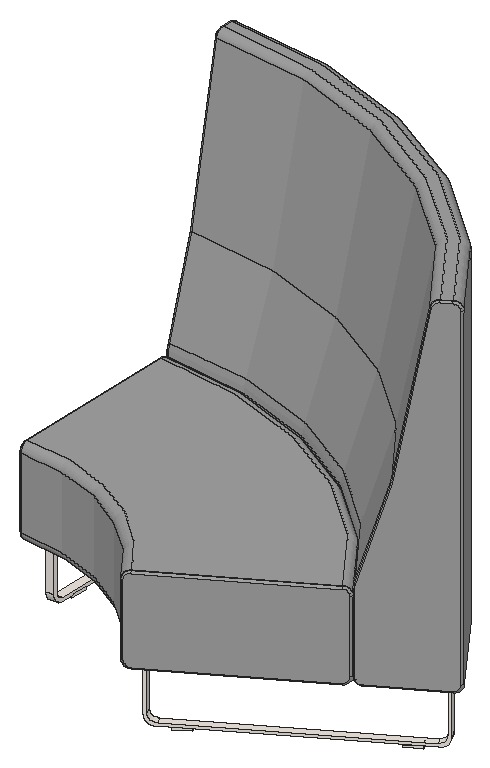
Revit family "Haworth_Riverbend_ConcaveBench60", category Furniture, Revit 2018
Family settings
  OmniClass Number = 23.40.70.14.64.21
  OmniClass Title = Systems Furniture
  Work Plane-Based = No
  Always vertical = Yes
  Cut with Voids When Loaded = No
  Shared = No
  Room Calculation Point = No
Parameters (values of type "33d 58w 50h - High Back")
  Width Straight Edge = 33"  # constant formula
  Width = 56"  # constant formula
  Warranty = "http://www.haworth.com/resources/product-info/warranties"
  URL - Product = "http://www.haworth.com/products/seating/sofas/riverbend-pebble"
  Trim Finish [instance] = Haworth _ Paint _ Plaster
  Symbolic Line Controller = not(No Back)  # yes
  Standard Widths = "58 in."  # constant formula
  Standard Heights = "18 in., 31 in., 50 in."  # constant formula
  Standard Depths = "33 in."  # constant formula
  Seat Upholstery Finish [instance] = Haworth _ Fabric _ Tellure _ Steel 3A-39
  No Back = not(or(Mid Back, High Back))  # no
  Min. Width = 28"  # constant formula
  Min. Depth = 33"  # constant formula
  Mid Back = no
  Max. Width = 67"  # constant formula
  Max. Depth = 33"  # constant formula
  Model = "SMCN"  # constant formula
  High Back = yes
  Description = "Haworth Riverbend Concave Bench 60 Degree"  # constant formula
  URL = "http://www.haworth.com"
  Size = "Verify Final Dim. w/ Haworth"  # constant formula
  Revision Number = "1"  # constant formula
  Manufacturer = "Haworth"  # constant formula
  Depth = 33"  # constant formula
  Custom Width = not(or(Width = 56"))  # no
  Custom Size = Custom Width  # no
  Back Upholstery Finish [instance] = Haworth _ Fabric _ Tellure _ Steel 3A-39
  Author = "Haworth (Bentzen)"  # constant formula
  Assembly Code = "E2020200"
  Actual Width = if(Width > Max. Width, Max. Width, if(Width < Min. Width, Min. Width, Width))  # 56"
  Actual Height = 18"  # constant formula
  Actual Depth = if(Depth > Max. Depth, Max. Depth, if(Depth < Min. Depth, Min. Depth, Depth))  # 33"
Types (3): name | Symbolic Line Controller | No Back | Mid Back | High Back
  33d 58w 18h - No Back | no | yes | no | no
  33d 58w 31h - Mid Back | yes | no | yes | no
  33d 58w 50h - High Back | yes | no | no | yes
Reference planes (in)
  plane 1 "Bottom": z = 0
  plane 2 "Top": z = 18
  plane 3 "Top - Bottom of Chamfer Edge": z = 17.75
  plane 4 "Frame Bottom": z = 7.25
  plane 5 "Bottom - Top of Chamfer Edge": z = 7.5
  plane 6 "Leg Bracket - Bottom": z = 7
  plane 7 "Leg Bottom - Top of Bottom": z = 0.625
  plane 8 "Foot - Top of Foot": z = 0.25
  plane 9: through (-1.76162, -1.93235, 48) normal (0.5, 0.866, 0)
  plane 10: x = -20.52292
  plane 11: through (2.67851, -21.22131, 48) normal (-0.5, 0.866, 0)
  plane 12: through (9.22708, 17.10064, 48) normal (0.5, 0.866, 0)
  plane 13: y = 25.00515
  plane 14: through (-20.53081, -34.44154, 48) normal (-0.7071, 0.7071, 0)
  plane 15: z = 17
  plane 16: y = -7.99485
  plane 17: y = -7.74485
  plane 18 "revolve_origin": x = -20.27292
  plane 19 "revolve_axis": y = -34.18365
  plane 20: through (30.98608, -4.58925, 48) normal (0.866, 0.5, 0)
  plane 21: through (2.40724, -21.08925, 48) normal (0.866, 0.5, 0)
  plane 22: y = -21.08925
  plane 23: through (-8.93284, -14.54205, 48) normal (-0.866, 0.5, 0)
  plane 24: through (30.98608, -4.58925, 48) normal (-0.5, 0.866, 0)
  plane 25: through (-7.1786, -11.50362, 48) normal (0.5, 0.866, 0)
  plane 26: through (-19.02968, 25.9697, 48) normal (-0.866, 0.5, 0)
  plane 27: through (31.19979, -3.0303, 48) normal (-0.866, 0.5, 0)
  plane 28: through (-57.19169, 13.87832, 48) normal (0.5, 0.866, 0)
  plane 29: y = 14.08522
Forms (in)
  Extrusion 1, solid, material "Haworth _ Paint _ Plaster" <- "Trim Finish"
    sketch origin (18.19276, -14.03701, 0) x (-0.866025, -0.5, 0) y (0, 0, 1)
      loop
        line (-14.39395, 7) -> (-14.39395, 1.5)
        arc (-14.39395, 1.5) -> (-14.02783, 0.61612) -> (-13.14395, 0.25) r 1.25
        line (-13.14395, 0.25) -> (14.07646, 0.25)
        arc (14.07646, 0.25) -> (14.96035, 0.61612) -> (15.32646, 1.5) r 1.25
        line (15.32646, 1.5) -> (15.32646, 7) -> (14.95122, 7) -> (14.95122, 1.625)
        arc (14.95122, 1.625) -> (14.65832, 0.91789) -> (13.95122, 0.625) r 1
        line (13.95122, 0.625) -> (-13.01895, 0.625)
        arc (-13.01895, 0.625) -> (-13.72605, 0.91789) -> (-14.01895, 1.625) r 1
        line (-14.01895, 1.625) -> (-14.01895, 7) -> (-14.39395, 7)
    from 3.44094 to 4.44094
  Extrusion 2, solid, material "Haworth _ Paint _ Plaster" <- "Trim Finish"
    sketch origin (58.39214, 11.7253, 18) x (-0.5, 0.866025, 0) y (-0.866025, -0.5, 0)
      loop
        line (1.22982, 36.05384) -> (2.22982, 36.05384) -> (2.22982, 38.05384) -> (1.22982, 38.05384) -> (1.22982, 36.05384)
    from -18 to -17.75
  Extrusion 3, solid, material "Haworth _ Paint _ Plaster" <- "Trim Finish"
    sketch origin (60.37064, 12.86758, 18) x (-0.5, 0.866025, 0) y (-0.866025, -0.5, 0)
      loop
        line (1.22982, 62.55267) -> (1.22982, 60.55267) -> (2.22982, 60.55267) -> (2.22982, 62.55267) -> (1.22982, 62.55267)
    from -18 to -17.75
  Extrusion 4, solid, material "Haworth _ Paint _ Plaster" <- "Trim Finish"
    sketch origin (58.39214, 11.7253, 18) x (-0.5, 0.866025, 0) y (-0.866025, -0.5, 0)
      loop
        line (0.81633, 33.30089) -> (3.19133, 33.30089) -> (3.19133, 35.67589) -> (0.81633, 35.67589) -> (0.81633, 33.30089)
    from -11 to -10.75
  Extrusion 5, solid, material "Haworth _ Paint _ Plaster" <- "Trim Finish"
    sketch origin (77.65876, 22.84888, 18) x (-0.5, 0.866025, 0) y (-0.866025, -0.5, 0)
      loop
        line (0.81633, 85.26847) -> (0.81633, 82.89323) -> (3.19133, 82.89323) -> (3.19133, 85.26847) -> (0.81633, 85.26847)
    from -11 to -10.75
  Blend 6, solid, material "Haworth _ Fabric _ Tellure _ Steel 3A-39" <- "Seat Upholstery Finish", visible <- "No Back"
    base sketch origin (-20.52292, -11.88714, 0) x (0, -1, 0) y (0, 0, 1)
      loop
        arc (-35.89228, 17.75) -> (-36.42261, 17.53033) -> (-36.64228, 17) r 0.75
        line (-36.64228, 17) -> (-36.64228, 8.25)
        arc (-36.64228, 8.25) -> (-36.42261, 7.71967) -> (-35.89228, 7.5) r 0.75
        line (-35.89228, 7.5) -> (-4.89228, 7.5)
        arc (-4.89228, 7.5) -> (-4.36195, 7.71967) -> (-4.14228, 8.25) r 0.75
        line (-4.14228, 8.25) -> (-4.14228, 17)
        arc (-4.14228, 17) -> (-4.36195, 17.53033) -> (-4.89228, 17.75) r 0.75
        line (-4.89228, 17.75) -> (-35.89228, 17.75)
    top sketch origin (-20.52292, -11.88714, 0) x (0, -1, 0) y (0, 0, 1)
      loop
        arc (-35.89228, 18) -> (-36.59939, 17.70711) -> (-36.89228, 17) r 1
        line (-36.89228, 17) -> (-36.89228, 8.25)
        arc (-36.89228, 8.25) -> (-36.59939, 7.54289) -> (-35.89228, 7.25) r 1
        line (-35.89228, 7.25) -> (-4.89228, 7.25)
        arc (-4.89228, 7.25) -> (-4.18518, 7.54289) -> (-3.89228, 8.25) r 1
        line (-3.89228, 8.25) -> (-3.89228, 17)
        arc (-3.89228, 17) -> (-4.18518, 17.70711) -> (-4.89228, 18) r 1
        line (-4.89228, 18) -> (-35.89228, 18)
    from 0 to -0.25
  Blend 7, solid, material "Haworth _ Fabric _ Tellure _ Steel 3A-39" <- "Back Upholstery Finish", visible <- "Mid Back"
    base sketch origin (-33.25, 14.42042, -6.66555) x (0, -1, 0) y (0, 0, 1)
      loop
        arc (-8.61622, 37.66555) -> (-10.00817, 37.08899) -> (-10.58473, 35.69705) r 1.9685
        line (-10.58473, 35.69705) -> (-10.58473, 14.91555)
        arc (-10.58473, 14.91555) -> (-10.29183, 14.20845) -> (-9.58473, 13.91555) r 1
        line (-9.58473, 13.91555) -> (-0.91481, 13.91555)
        arc (-0.91481, 13.91555) -> (-0.2077, 14.20845) -> (0.08519, 14.91555) r 1
        line (0.08519, 14.91555) -> (0.08519, 24.30895)
        arc (0.08519, 24.30895) -> (-0.00368, 25.04671) -> (-0.18206, 25.76808) r 6.06812
        line (-0.18206, 25.76808) -> (-3.47803, 36.28554)
        arc (-3.47803, 36.28554) -> (-4.19117, 37.28348) -> (-5.35669, 37.66555) r 1.96875
        line (-5.35669, 37.66555) -> (-8.61622, 37.66555)
    top sketch origin (-33.25, 14.42042, -6.66555) x (0, -1, 0) y (0, 0, 1)
      loop
        line (-5.35669, 37.41555) -> (-8.61622, 37.41555)
        arc (-8.61622, 37.41555) -> (-9.83139, 36.91222) -> (-10.33473, 35.69705) r 1.7185
        line (-10.33473, 35.69705) -> (-10.33473, 14.91555)
        arc (-10.33473, 14.91555) -> (-10.11506, 14.38522) -> (-9.58473, 14.16555) r 0.75
        line (-9.58473, 14.16555) -> (-0.8431, 14.16555)
        arc (-0.8431, 14.16555) -> (-0.31277, 14.38522) -> (-0.0931, 14.91555) r 0.75
        line (-0.0931, 14.91555) -> (-0.0931, 24.64821) -> (-3.71659, 36.21078)
        arc (-3.71659, 36.21078) -> (-4.33917, 37.08199) -> (-5.35669, 37.41555) r 1.71875
    from -12.97708 to -12.72708
  Blend 8, solid, material "Haworth _ Fabric _ Tellure _ Steel 3A-39" <- "Back Upholstery Finish", visible <- "High Back"
    base sketch origin (-61.05552, 16.17042, -6.66555) x (0, -1, 0) y (0, 0, 1)
      loop
        line (-8.83473, 55.62737) -> (-8.83473, 14.91555)
        arc (-8.83473, 14.91555) -> (-8.54183, 14.20845) -> (-7.83473, 13.91555) r 1
        line (-7.83473, 13.91555) -> (0.83519, 13.91555)
        arc (0.83519, 13.91555) -> (1.5423, 14.20845) -> (1.83519, 14.91555) r 1
        line (1.83519, 14.91555) -> (1.83519, 24.30895)
        arc (1.83519, 24.30895) -> (1.74632, 25.04671) -> (1.56794, 25.76808) r 6.06812
        line (1.56794, 25.76808) -> (-1.77826, 36.4458) -> (-5.53895, 55.8336)
        arc (-5.53895, 55.8336) -> (-5.89397, 56.43074) -> (-6.54779, 56.66555) r 1.02764
        line (-6.54779, 56.66555) -> (-7.79654, 56.66555)
        arc (-7.79654, 56.66555) -> (-8.53065, 56.36148) -> (-8.83473, 55.62737) r 1.03818
    top sketch origin (-61.05552, 16.17042, -6.66555) x (0, -1, 0) y (0, 0, 1)
      loop
        arc (-7.79654, 56.41555) -> (-8.35387, 56.1847) -> (-8.58473, 55.62737) r 0.78818
        line (-8.58473, 55.62737) -> (-8.58473, 14.91555)
        arc (-8.58473, 14.91555) -> (-8.36506, 14.38522) -> (-7.83473, 14.16555) r 0.75
        line (-7.83473, 14.16555) -> (0.9069, 14.16555)
        arc (0.9069, 14.16555) -> (1.43723, 14.38522) -> (1.6569, 14.91555) r 0.75
        line (1.6569, 14.91555) -> (1.6569, 24.64821) -> (-2.02101, 36.38443) -> (-5.78438, 55.78599)
        arc (-5.78438, 55.78599) -> (-6.05303, 56.23786) -> (-6.54779, 56.41555) r 0.77764
        line (-6.54779, 56.41555) -> (-7.79654, 56.41555)
    from -40.7826 to -40.5326
  Revolve 9, solid, material "Haworth _ Fabric _ Tellure _ Steel 3A-39" <- "Back Upholstery Finish", visible <- "Mid Back"
    sketch origin (-20.27292, 0, 0) x (0, 1, 0) y (0, 0, 1)
      loop
        arc (25.00515, 29.0315) -> (24.42858, 30.42344) -> (23.03664, 31) r 1.9685
        line (23.03664, 31) -> (19.77711, 31)
        arc (19.77711, 31) -> (18.61158, 30.61792) -> (17.89845, 29.61999) r 1.96875
        line (17.89845, 29.61999) -> (14.60248, 19.10253)
        arc (14.60248, 19.10253) -> (14.4241, 18.38116) -> (14.33522, 17.64339) r 6.06812
        line (14.33522, 17.64339) -> (14.33522, 8.25)
        arc (14.33522, 8.25) -> (14.62812, 7.54289) -> (15.33522, 7.25) r 1
        line (15.33522, 7.25) -> (24.00515, 7.25)
        arc (24.00515, 7.25) -> (24.71225, 7.54289) -> (25.00515, 8.25) r 1
        line (25.00515, 8.25) -> (25.00515, 29.0315)
      axis (-34.18365, 31) -> (-34.18365, 7.25)
    angle from 0 to -60
  Revolve 10, solid, material "Haworth _ Fabric _ Tellure _ Steel 3A-39" <- "Back Upholstery Finish", visible <- "High Back"
    sketch origin (-20.27292, 0, 0) x (0, 1, 0) y (0, 0, 1)
      loop
        arc (25.00515, 48.96182) -> (24.70107, 49.69592) -> (23.96696, 50) r 1.03818
        line (23.96696, 50) -> (22.71821, 50)
        arc (22.71821, 50) -> (22.06439, 49.76518) -> (21.70937, 49.16804) r 1.02764
        line (21.70937, 49.16804) -> (17.94867, 29.78025) -> (14.60248, 19.10253)
        arc (14.60248, 19.10253) -> (14.4241, 18.38116) -> (14.33522, 17.64339) r 6.06812
        line (14.33522, 17.64339) -> (14.33522, 8.25)
        arc (14.33522, 8.25) -> (14.62812, 7.54289) -> (15.33522, 7.25) r 1
        line (15.33522, 7.25) -> (24.00515, 7.25)
        arc (24.00515, 7.25) -> (24.71225, 7.54289) -> (25.00515, 8.25) r 1
        line (25.00515, 8.25) -> (25.00515, 48.96182)
      axis (-34.18365, 50) -> (-34.18365, 7.25)
    angle from 0 to -60
  Extrusion 11, solid, material "Haworth _ Paint _ Plaster" <- "Trim Finish"
    sketch origin (-22.22175, 9.29632, 0) x (0, -1, 0) y (0, 0, -1)
      loop
        line (-14.14229, -7) -> (-13.76729, -7) -> (-13.76729, -1.625)
        arc (-13.76729, -1.625) -> (-13.47439, -0.91789) -> (-12.76729, -0.625) r 1
        line (-12.76729, -0.625) -> (13.95122, -0.625)
        arc (13.95122, -0.625) -> (14.65832, -0.91789) -> (14.95122, -1.625) r 1
        line (14.95122, -1.625) -> (14.95122, -7) -> (15.32646, -7) -> (15.32646, -1.5)
        arc (15.32646, -1.5) -> (14.96035, -0.61612) -> (14.07646, -0.25) r 1.25
        line (14.07646, -0.25) -> (-12.89229, -0.25)
        arc (-12.89229, -0.25) -> (-13.77617, -0.61612) -> (-14.14229, -1.5) r 1.25
        line (-14.14229, -1.5) -> (-14.14229, -7)
    from 3.44094 to 4.44094
  Extrusion 12, solid, material "Haworth _ Paint _ Plaster" <- "Trim Finish"
    sketch origin (-20.01063, 56.99116, 18) x (1, 0, 0) y (0, 1, 0)
      loop
        line (1.22982, -36.30551) -> (1.22982, -38.30551) -> (2.22982, -38.30551) -> (2.22982, -36.30551) -> (1.22982, -36.30551)
    from -18 to -17.75
  Extrusion 13, solid, material "Haworth _ Paint _ Plaster" <- "Trim Finish"
    sketch origin (-20.01063, 59.27573, 18) x (1, 0, 0) y (0, 1, 0)
      loop
        line (1.22982, -62.55267) -> (2.22982, -62.55267) -> (2.22982, -60.55267) -> (1.22982, -60.55267) -> (1.22982, -62.55267)
    from -18 to -17.75
  Extrusion 14, solid, material "Haworth _ Paint _ Plaster" <- "Trim Finish"
    sketch origin (-20.01063, 56.99116, 18) x (1, 0, 0) y (0, 1, 0)
      loop
        line (1.22982, -33.55255) -> (1.22982, -35.92755) -> (3.60482, -35.92755) -> (3.60482, -33.55255) -> (1.22982, -33.55255)
    from -11 to -10.75
  Extrusion 15, solid, material "Haworth _ Paint _ Plaster" <- "Trim Finish"
    sketch origin (-20.01063, 79.23833, 18) x (1, 0, 0) y (0, 1, 0)
      loop
        line (1.22982, -85.26847) -> (3.60482, -85.26847) -> (3.60482, -82.89323) -> (1.22982, -82.89323) -> (1.22982, -85.26847)
    from -11 to -10.75
  Extrusion 16, solid, material "Haworth _ Paint _ Plaster" <- "Trim Finish"
    sketch origin (6.37704, 19.04612, 0) x (-0.5, -0.866025, 0) y (0, 0, -1)
      loop
        line (1.82622, -7) -> (2.20122, -7) -> (2.20122, -1.625)
        arc (2.20122, -1.625) -> (2.49411, -0.91789) -> (3.20122, -0.625) r 1
        line (3.20122, -0.625) -> (13.95122, -0.625)
        arc (13.95122, -0.625) -> (14.65832, -0.91789) -> (14.95122, -1.625) r 1
        line (14.95122, -1.625) -> (14.95122, -7) -> (15.32622, -7) -> (15.32622, -1.5)
        arc (15.32622, -1.5) -> (14.9601, -0.61612) -> (14.07622, -0.25) r 1.25
        line (14.07622, -0.25) -> (3.07622, -0.25)
        arc (3.07622, -0.25) -> (2.19233, -0.61612) -> (1.82622, -1.5) r 1.25
        line (1.82622, -1.5) -> (1.82622, -7)
    from 3.44094 to 4.44094
  Extrusion 17, solid, material "Haworth _ Paint _ Plaster" <- "Trim Finish"
    sketch origin (24.1551, 45.41637, 18) x (0.866025, -0.5, 0) y (0.5, 0.866025, 0)
      loop
        line (1.22982, -36.30551) -> (1.22982, -38.30551) -> (2.22982, -38.30551) -> (2.22982, -36.30551) -> (1.22982, -36.30551)
    from -18 to -17.75
  Extrusion 18, solid, material "Haworth _ Paint _ Plaster" <- "Trim Finish"
    sketch origin (33.28164, 61.224, 18) x (0.866025, -0.5, 0) y (0.5, 0.866025, 0)
      loop
        line (1.22982, -62.55267) -> (2.22982, -62.55267) -> (2.22982, -60.55267) -> (1.22982, -60.55267) -> (1.22982, -62.55267)
    from -18 to -17.75
  Extrusion 19, solid, material "Haworth _ Paint _ Plaster" <- "Trim Finish"
    sketch origin (24.1551, 45.41637, 18) x (0.866025, -0.5, 0) y (0.5, 0.866025, 0)
      loop
        line (1.22982, -33.55255) -> (1.22982, -35.92755) -> (3.60482, -35.92755) -> (3.60482, -33.55255) -> (1.22982, -33.55255)
    from -11 to -10.75
  Extrusion 20, solid, material "Haworth _ Paint _ Plaster" <- "Trim Finish"
    sketch origin (43.26294, 78.51211, 18) x (0.866025, -0.5, 0) y (0.5, 0.866025, 0)
      loop
        line (1.22982, -85.26822) -> (3.60482, -85.26822) -> (3.60482, -82.89323) -> (1.22982, -82.89323) -> (1.22982, -85.26822)
    from -11 to -10.75
  Blend 21, solid, material "Haworth _ Fabric _ Tellure _ Steel 3A-39" <- "Seat Upholstery Finish", visible <- "Symbolic Line Controller"
    base sketch origin (-20.52292, -33.22698, 0) x (0, -1, 0) y (0, 0, 1)
      loop
        arc (-46.56221, 17.75) -> (-47.09254, 17.53033) -> (-47.31221, 17) r 0.75
        line (-47.31221, 17) -> (-47.31221, 8.25)
        arc (-47.31221, 8.25) -> (-47.09254, 7.71967) -> (-46.56221, 7.5) r 0.75
        line (-46.56221, 7.5) -> (-26.23213, 7.5)
        arc (-26.23213, 7.5) -> (-25.7018, 7.71967) -> (-25.48213, 8.25) r 0.75
        line (-25.48213, 8.25) -> (-25.48213, 17)
        arc (-25.48213, 17) -> (-25.7018, 17.53033) -> (-26.23213, 17.75) r 0.75
        line (-26.23213, 17.75) -> (-46.56221, 17.75)
    top sketch origin (-20.52292, -33.22698, 0) x (0, -1, 0) y (0, 0, 1)
      loop
        arc (-46.56221, 18) -> (-47.26931, 17.70711) -> (-47.56221, 17) r 1
        line (-47.56221, 17) -> (-47.56221, 8.25)
        arc (-47.56221, 8.25) -> (-47.26931, 7.54289) -> (-46.56221, 7.25) r 1
        line (-46.56221, 7.25) -> (-26.23213, 7.25)
        arc (-26.23213, 7.25) -> (-25.52502, 7.54289) -> (-25.23213, 8.25) r 1
        line (-25.23213, 8.25) -> (-25.23213, 17)
        arc (-25.23213, 17) -> (-25.52502, 17.70711) -> (-26.23213, 18) r 1
        line (-26.23213, 18) -> (-46.56221, 18)
    from 0 to -0.25
  Revolve 22, solid, material "Haworth _ Fabric _ Tellure _ Steel 3A-39" <- "Seat Upholstery Finish", visible <- "No Back"
    sketch origin (-20.27292, 0, 0) x (0, -1, 0) y (0, 0, 1)
      loop
        line (-25.00515, 17) -> (-25.00515, 8.25)
        arc (-25.00515, 8.25) -> (-24.71225, 7.54289) -> (-24.00515, 7.25) r 1
        line (-24.00515, 7.25) -> (6.99485, 7.25)
        arc (6.99485, 7.25) -> (7.70196, 7.54289) -> (7.99485, 8.25) r 1
        line (7.99485, 8.25) -> (7.99485, 17)
        arc (7.99485, 17) -> (7.70196, 17.70711) -> (6.99485, 18) r 1
        line (6.99485, 18) -> (-24.00515, 18)
        arc (-24.00515, 18) -> (-24.71225, 17.70711) -> (-25.00515, 17) r 1
      axis (34.18365, 18) -> (34.18365, 7.25)
    angle from 0 to 60
  Revolve 23, solid, material "Haworth _ Fabric _ Tellure _ Steel 3A-39" <- "Seat Upholstery Finish", visible <- "Symbolic Line Controller"
    sketch origin (-20.27292, 0, 0) x (0, -1, 0) y (0, 0, 1)
      loop
        line (-14.33522, 17) -> (-14.33522, 8.25)
        arc (-14.33522, 8.25) -> (-14.04233, 7.54289) -> (-13.33522, 7.25) r 1
        line (-13.33522, 7.25) -> (6.99485, 7.25)
        arc (6.99485, 7.25) -> (7.70196, 7.54289) -> (7.99485, 8.25) r 1
        line (7.99485, 8.25) -> (7.99485, 17)
        arc (7.99485, 17) -> (7.70196, 17.70711) -> (6.99485, 18) r 1
        line (6.99485, 18) -> (-13.33522, 18)
        arc (-13.33522, 18) -> (-14.04233, 17.70711) -> (-14.33522, 17) r 1
      axis (34.18365, 18) -> (34.18365, 7.25)
    angle from 0 to 60
  Blend 24, solid, material "Haworth _ Fabric _ Tellure _ Steel 3A-39" <- "Seat Upholstery Finish", visible <- "No Back"
    base sketch origin (-0.83858, -23.2519, 0) x (-0.866025, -0.5, 0) y (0, 0, -1)
      loop
        line (-35.89228, -17.75) -> (-4.89228, -17.75)
        arc (-4.89228, -17.75) -> (-4.36195, -17.53033) -> (-4.14228, -17) r 0.75
        line (-4.14228, -17) -> (-4.14228, -8.25)
        arc (-4.14228, -8.25) -> (-4.36195, -7.71967) -> (-4.89228, -7.5) r 0.75
        line (-4.89228, -7.5) -> (-35.89228, -7.5)
        arc (-35.89228, -7.5) -> (-36.42261, -7.71967) -> (-36.64228, -8.25) r 0.75
        line (-36.64228, -8.25) -> (-36.64228, -17)
        arc (-36.64228, -17) -> (-36.42261, -17.53033) -> (-35.89228, -17.75) r 0.75
    top sketch origin (-0.83858, -23.2519, 0) x (-0.866025, -0.5, 0) y (0, 0, -1)
      loop
        line (-35.89228, -18) -> (-4.89228, -18)
        arc (-4.89228, -18) -> (-4.18518, -17.70711) -> (-3.89228, -17) r 1
        line (-3.89228, -17) -> (-3.89228, -8.25)
        arc (-3.89228, -8.25) -> (-4.18518, -7.54289) -> (-4.89228, -7.25) r 1
        line (-4.89228, -7.25) -> (-35.89228, -7.25)
        arc (-35.89228, -7.25) -> (-36.59939, -7.54289) -> (-36.89228, -8.25) r 1
        line (-36.89228, -8.25) -> (-36.89228, -17)
        arc (-36.89228, -17) -> (-36.59939, -17.70711) -> (-35.89228, -18) r 1
    from 0 to -0.25
  Blend 25, solid, material "Haworth _ Fabric _ Tellure _ Steel 3A-39" <- "Back Upholstery Finish", visible <- "High Back"
    base sketch origin (43.72628, -44.32538, -6.66555) x (-0.866025, -0.5, 0) y (0, 0, -1)
      loop
        arc (-8.83473, -55.62737) -> (-8.53065, -56.36148) -> (-7.79654, -56.66555) r 1.03818
        line (-7.79654, -56.66555) -> (-6.54779, -56.66555)
        arc (-6.54779, -56.66555) -> (-5.89397, -56.43074) -> (-5.53895, -55.8336) r 1.02764
        line (-5.53895, -55.8336) -> (-1.77826, -36.4458) -> (1.56794, -25.76808)
        arc (1.56794, -25.76808) -> (1.74632, -25.04671) -> (1.83519, -24.30895) r 6.06812
        line (1.83519, -24.30895) -> (1.83519, -14.91555)
        arc (1.83519, -14.91555) -> (1.5423, -14.20845) -> (0.83519, -13.91555) r 1
        line (0.83519, -13.91555) -> (-7.83473, -13.91555)
        arc (-7.83473, -13.91555) -> (-8.54183, -14.20845) -> (-8.83473, -14.91555) r 1
        line (-8.83473, -14.91555) -> (-8.83473, -55.62737)
    top sketch origin (43.72628, -44.32538, -6.66555) x (-0.866025, -0.5, 0) y (0, 0, -1)
      loop
        line (-7.79654, -56.41555) -> (-6.54779, -56.41555)
        arc (-6.54779, -56.41555) -> (-6.05303, -56.23786) -> (-5.78438, -55.78599) r 0.77764
        line (-5.78438, -55.78599) -> (-2.02101, -36.38443) -> (1.6569, -24.64821) -> (1.6569, -14.91555)
        arc (1.6569, -14.91555) -> (1.43723, -14.38522) -> (0.9069, -14.16555) r 0.75
        line (0.9069, -14.16555) -> (-7.83473, -14.16555)
        arc (-7.83473, -14.16555) -> (-8.36506, -14.38522) -> (-8.58473, -14.91555) r 0.75
        line (-8.58473, -14.91555) -> (-8.58473, -55.62737)
        arc (-8.58473, -55.62737) -> (-8.35387, -56.1847) -> (-7.79654, -56.41555) r 0.78818
    from -40.7826 to -40.5326
  Blend 26, solid, material "Haworth _ Fabric _ Tellure _ Steel 3A-39" <- "Seat Upholstery Finish", visible <- "Symbolic Line Controller"
    base sketch origin (-19.31942, -33.92182, 0) x (-0.866025, -0.5, 0) y (0, 0, -1)
      loop
        line (-46.56221, -17.75) -> (-26.23213, -17.75)
        arc (-26.23213, -17.75) -> (-25.7018, -17.53033) -> (-25.48213, -17) r 0.75
        line (-25.48213, -17) -> (-25.48213, -8.25)
        arc (-25.48213, -8.25) -> (-25.7018, -7.71967) -> (-26.23213, -7.5) r 0.75
        line (-26.23213, -7.5) -> (-46.56221, -7.5)
        arc (-46.56221, -7.5) -> (-47.09254, -7.71967) -> (-47.31221, -8.25) r 0.75
        line (-47.31221, -8.25) -> (-47.31221, -17)
        arc (-47.31221, -17) -> (-47.09254, -17.53033) -> (-46.56221, -17.75) r 0.75
    top sketch origin (-19.31942, -33.92182, 0) x (-0.866025, -0.5, 0) y (0, 0, -1)
      loop
        line (-46.56221, -18) -> (-26.23213, -18)
        arc (-26.23213, -18) -> (-25.52502, -17.70711) -> (-25.23213, -17) r 1
        line (-25.23213, -17) -> (-25.23213, -8.25)
        arc (-25.23213, -8.25) -> (-25.52502, -7.54289) -> (-26.23213, -7.25) r 1
        line (-26.23213, -7.25) -> (-46.56221, -7.25)
        arc (-46.56221, -7.25) -> (-47.26931, -7.54289) -> (-47.56221, -8.25) r 1
        line (-47.56221, -8.25) -> (-47.56221, -17)
        arc (-47.56221, -17) -> (-47.26931, -17.70711) -> (-46.56221, -18) r 1
    from 0 to -0.25
  Blend 27, solid, material "Haworth _ Fabric _ Tellure _ Steel 3A-39" <- "Back Upholstery Finish", visible <- "Mid Back"
    base sketch origin (28.30798, -21.1201, -6.66555) x (-0.866025, -0.5, 0) y (0, 0, -1)
      loop
        line (-8.61622, -37.66555) -> (-5.35669, -37.66555)
        arc (-5.35669, -37.66555) -> (-4.19117, -37.28348) -> (-3.47803, -36.28554) r 1.96875
        line (-3.47803, -36.28554) -> (-0.18206, -25.76808)
        arc (-0.18206, -25.76808) -> (-0.00368, -25.04671) -> (0.08519, -24.30895) r 6.06812
        line (0.08519, -24.30895) -> (0.08519, -14.91555)
        arc (0.08519, -14.91555) -> (-0.2077, -14.20845) -> (-0.91481, -13.91555) r 1
        line (-0.91481, -13.91555) -> (-9.58473, -13.91555)
        arc (-9.58473, -13.91555) -> (-10.29183, -14.20845) -> (-10.58473, -14.91555) r 1
        line (-10.58473, -14.91555) -> (-10.58473, -35.69705)
        arc (-10.58473, -35.69705) -> (-10.00817, -37.08899) -> (-8.61622, -37.66555) r 1.9685
    top sketch origin (28.30798, -21.1201, -6.66555) x (-0.866025, -0.5, 0) y (0, 0, -1)
      loop
        arc (-5.35669, -37.41555) -> (-4.33917, -37.08199) -> (-3.71659, -36.21078) r 1.71875
        line (-3.71659, -36.21078) -> (-0.0931, -24.64821) -> (-0.0931, -14.91555)
        arc (-0.0931, -14.91555) -> (-0.31277, -14.38522) -> (-0.8431, -14.16555) r 0.75
        line (-0.8431, -14.16555) -> (-9.58473, -14.16555)
        arc (-9.58473, -14.16555) -> (-10.11506, -14.38522) -> (-10.33473, -14.91555) r 0.75
        line (-10.33473, -14.91555) -> (-10.33473, -35.69705)
        arc (-10.33473, -35.69705) -> (-9.83139, -36.91222) -> (-8.61622, -37.41555) r 1.7185
        line (-8.61622, -37.41555) -> (-5.35669, -37.41555)
    from -12.97708 to -12.72708
Lines and regions (in)
  Masking region 1
    outline origin (0, 0, 18) x (-1, 0, 0) y (0, -1, 0)
      loop
        line (20.52292, -25.00515) -> (20.52292, 7.99485)
        arc (20.52292, 7.99485) -> (7.1786, 11.50362) -> (-2.53224, 21.30576) r 26.19837
        line (-2.53224, 21.30576) -> (-31.11108, 4.80576)
        arc (-31.11108, 4.80576) -> (-9.30883, -17.05345) -> (20.52292, -25.00515) r 59.35379
  symbolic lines, style "Haworth", visible <- "Symbolic Line Controller", detail levels medium+fine
    curve 1: arc (21.74566, -9.92421, 18) -> (3.98652, 7.83493, 18) -> (-20.27292, 14.33522, 18) r 48.51887
Dimensions and locks (in)
  locked: plane 2 "Top" to plane 3 "Top - Bottom of Chamfer Edge" at 0.25
  locked: plane 5 "Bottom - Top of Chamfer Edge" to plane 4 "Frame Bottom" at 0.25
  plane 2 "Top" to plane 4 "Frame Bottom" = 10 3/4"
  "Actual Height": plane 2 "Top" to plane 1 "Bottom"
  plane 2 "Top" to plane 1 "Bottom" = 18"
  Extrusion 1 sketch curve to Extrusion 1 sketch curve = 3/8"  (x2)
  Extrusion 1 sketch curve to Extrusion 1 sketch curve = 0.37525"
  Extrusion 11 sketch curve to Extrusion 11 sketch curve = 3/8"  (x2)
  Extrusion 11 sketch curve to Extrusion 11 sketch curve = 0.37525"
  Extrusion 16 sketch curve to Extrusion 16 sketch curve = 3/8"  (x3)
  plane 26 to plane 27 = 58"
  plane 12 to plane 28 = 36"
  "Depth": plane 16 to plane 13
  aligned and locked: Extrusion 3 to plane 1 "Bottom"
  aligned and locked: Extrusion 3 to plane 8 "Foot - Top of Foot"
  aligned and locked: Extrusion 2 to plane 8 "Foot - Top of Foot"
  aligned and locked: Extrusion 2 to plane 1 "Bottom"
  aligned and locked: plane 6 "Leg Bracket - Bottom" to Extrusion 1  (x2)
  aligned and locked: Extrusion 1 to plane 7 "Leg Bottom - Top of Bottom"
  aligned and locked: plane 8 "Foot - Top of Foot" to Extrusion 1
  aligned and locked: Extrusion 5 to plane 6 "Leg Bracket - Bottom"
  aligned and locked: plane 4 "Frame Bottom" to Extrusion 5
  aligned and locked: Extrusion 4 to plane 6 "Leg Bracket - Bottom"
  aligned and locked: plane 4 "Frame Bottom" to Extrusion 4
Automatic sketch dimensions
  curve 1 to plane 24 = 0"
  curve 1 to plane 18 "revolve_origin" = 0"
  plane 14 to curve 1 = 0"
  plane 16 to curve 1 = 1.92936"
  plane 6 "Leg Bracket - Bottom" to Extrusion 1 sketch curve = 0"  (x2)
  Extrusion 1 sketch curve to plane 8 "Foot - Top of Foot" = 0"
  Extrusion 1 sketch curve to plane 7 "Leg Bottom - Top of Bottom" = 7/8"
  Extrusion 1 sketch curve to plane 20 = 1.40927"
  Extrusion 1 sketch curve to Extrusion 1 sketch curve = 1/8"
  Extrusion 1 sketch curve to plane 7 "Leg Bottom - Top of Bottom" = 1"
  plane 21 to Extrusion 1 sketch curve = 3.24556"
  Extrusion 1 sketch curve to Extrusion 1 sketch curve = 0.12525"
  Extrusion 2 sketch curve to plane 24 = 1.6556"
  Extrusion 2 sketch curve to Extrusion 2 sketch curve = 1"
  Extrusion 2 sketch curve to plane 20 = 4.16222"
  Extrusion 2 sketch curve to Extrusion 2 sketch curve = 2"
  Extrusion 3 sketch curve to plane 24 = 1.6556"
  Extrusion 3 sketch curve to Extrusion 3 sketch curve = 1"
  plane 21 to Extrusion 3 sketch curve = 6.62352"
  Extrusion 3 sketch curve to Extrusion 3 sketch curve = 2"
  Extrusion 4 sketch curve to plane 24 = 1.24211"
  Extrusion 4 sketch curve to Extrusion 4 sketch curve = 2 3/8"  (x2)
  Extrusion 4 sketch curve to plane 20 = 1.40927"
  Extrusion 5 sketch curve to plane 24 = 1.24211"
  Extrusion 5 sketch curve to Extrusion 5 sketch curve = 2 3/8"
  plane 21 to Extrusion 5 sketch curve = 4.24556"
  plane 21 to Extrusion 5 sketch curve = 1.87032"
  Blend 6 sketch curve to plane 15 = 0"  (x4)
  Blend 6 sketch curve to plane 3 "Top - Bottom of Chamfer Edge" = 0"
  Blend 6 sketch curve to plane 5 "Bottom - Top of Chamfer Edge" = 0"
  Blend 6 sketch curve to plane 17 = 0"
  plane 13 to Blend 6 sketch curve = 1"  (x2)
  plane 5 "Bottom - Top of Chamfer Edge" to Blend 6 sketch curve = 3/4"  (x2)
  Blend 6 sketch curve to plane 13 = 0"
  Blend 6 sketch curve to plane 4 "Frame Bottom" = 0"
  Blend 6 sketch curve to plane 2 "Top" = 0"
  Blend 6 sketch curve to plane 16 = 0"
  Blend 6 sketch curve to plane 17 = 3/4"
  Blend 7 sketch curve to plane 13 = 0"
  Blend 7 sketch curve to plane 4 "Frame Bottom" = 0"
  plane 13 to Blend 7 sketch curve = 1"
  Blend 7 sketch curve to Blend 7 sketch curve = 1.9685"
  plane 15 to Blend 7 sketch curve = 0.28791"
  plane 13 to Blend 7 sketch curve = 4.61222"
  Blend 7 sketch curve to Blend 7 sketch curve = 3.25953"  (x2)
  Blend 7 sketch curve to Blend 7 sketch curve = 1.87866"
  Blend 7 sketch curve to plane 29 = 1 1/4"
  Blend 7 sketch curve to plane 29 = 0.51725"
  Blend 7 sketch curve to plane 3 "Top - Bottom of Chamfer Edge" = 0.10661"
  Blend 7 sketch curve to plane 29 = 1/4"
  plane 2 "Top" to Blend 7 sketch curve = 11 1/32"  (x2)
  Blend 7 sketch curve to Blend 7 sketch curve = 0.00025"  (x2)
  Blend 7 sketch curve to plane 5 "Bottom - Top of Chamfer Edge" = 0"
  plane 13 to Blend 7 sketch curve = 1/4"
  Blend 7 sketch curve to Blend 7 sketch curve = 3/4"
  plane 13 to Blend 7 sketch curve = 1.9685"
  Blend 7 sketch curve to Blend 7 sketch curve = 1.6401"
  plane 5 "Bottom - Top of Chamfer Edge" to Blend 7 sketch curve = 3/4"
  Blend 7 sketch curve to plane 29 = 1.1783"
  Blend 7 sketch curve to plane 2 "Top" = 0.01735"
  Blend 8 sketch curve to plane 13 = 0"
  Blend 8 sketch curve to plane 4 "Frame Bottom" = 0"
  plane 5 "Bottom - Top of Chamfer Edge" to Blend 8 sketch curve = 3/4"
  Blend 8 sketch curve to Blend 8 sketch curve = 1.03818"
  Blend 8 sketch curve to Blend 8 sketch curve = 1.24875"  (x2)
  Blend 8 sketch curve to Blend 8 sketch curve = 1.00884"
  plane 15 to Blend 8 sketch curve = 0.28791"
  plane 13 to Blend 8 sketch curve = 4.61222"
  Blend 8 sketch curve to plane 29 = 3.86345"
  Blend 8 sketch curve to plane 29 = 1 1/4"
  Blend 8 sketch curve to plane 29 = 0.51725"
  plane 4 "Frame Bottom" to Blend 8 sketch curve = 1"
  Blend 8 sketch curve to plane 3 "Top - Bottom of Chamfer Edge" = 0.10661"
  Blend 8 sketch curve to Blend 8 sketch curve = 10.67772"
  Blend 8 sketch curve to Blend 8 sketch curve = 19.18157"
  Blend 8 sketch curve to Blend 8 sketch curve = 1.02764"
  Blend 8 sketch curve to plane 5 "Bottom - Top of Chamfer Edge" = 0"
  plane 13 to Blend 8 sketch curve = 1/4"
  plane 13 to Blend 8 sketch curve = 1"
  Blend 8 sketch curve to Blend 8 sketch curve = 0.78818"
  Blend 8 sketch curve to Blend 8 sketch curve = 0.76341"
  Blend 8 sketch curve to plane 29 = 4.1062"
  Blend 8 sketch curve to plane 29 = 1.1783"
  Blend 8 sketch curve to plane 2 "Top" = 0.01735"
  Blend 8 sketch curve to plane 29 = 0.4283"
  plane 2 "Top" to Blend 8 sketch curve = 11.71887"
  Blend 8 sketch curve to Blend 8 sketch curve = 19.24294"
  Blend 8 sketch curve to Blend 8 sketch curve = 0.77764"
  Revolve 9 sketch curve to plane 19 "revolve_axis" = 0"
  Revolve 9 sketch curve to plane 4 "Frame Bottom" = 0"
  Revolve 9 sketch curve to plane 13 = 0"
  Revolve 9 sketch curve to plane 29 = 1/4"
  Revolve 9 sketch curve to plane 29 = 0.51725"
  plane 5 "Bottom - Top of Chamfer Edge" to Revolve 9 sketch curve = 3/4"
  Revolve 9 sketch curve to plane 29 = 3.81323"
  Revolve 9 sketch curve to Revolve 9 sketch curve = 1.87866"
  plane 15 to Revolve 9 sketch curve = 0.28791"
  plane 13 to Revolve 9 sketch curve = 4.61222"
  plane 13 to Revolve 9 sketch curve = 1.9685"
  plane 13 to Revolve 9 sketch curve = 1"
  Revolve 9 sketch curve to plane 3 "Top - Bottom of Chamfer Edge" = 0.10661"
  plane 2 "Top" to Revolve 9 sketch curve = 11 1/32"
  Revolve 9 sketch curve to Revolve 9 sketch curve = 0.00025"
  plane 2 "Top" to Revolve 9 sketch curve = 1/2"
  Revolve 9 sketch curve to Revolve 9 sketch curve = 1 3/4"
  Revolve 10 sketch curve to plane 19 "revolve_axis" = 0"
  Revolve 10 sketch curve to plane 4 "Frame Bottom" = 0"
  Revolve 10 sketch curve to plane 13 = 0"
  Revolve 10 sketch curve to plane 29 = 1/4"
  Revolve 10 sketch curve to plane 29 = 0.51725"
  Revolve 10 sketch curve to plane 29 = 1 1/4"
  Revolve 10 sketch curve to plane 29 = 3.86345"
  plane 15 to Revolve 10 sketch curve = 0.28791"
  plane 13 to Revolve 10 sketch curve = 4.61222"
  plane 13 to Revolve 10 sketch curve = 3.29577"
  Revolve 10 sketch curve to Revolve 10 sketch curve = 1.00884"
  plane 13 to Revolve 10 sketch curve = 1.03818"
  plane 13 to Revolve 10 sketch curve = 1"
  Revolve 10 sketch curve to plane 3 "Top - Bottom of Chamfer Edge" = 0.10661"
  Revolve 10 sketch curve to Revolve 10 sketch curve = 10.67772"
  Revolve 10 sketch curve to Revolve 10 sketch curve = 19.18157"
  Revolve 10 sketch curve to Revolve 10 sketch curve = 1.02764"
  plane 2 "Top" to Revolve 10 sketch curve = 16 3/4"
  Revolve 10 sketch curve to Revolve 10 sketch curve = 3 1/2"
  Extrusion 11 sketch curve to plane 6 "Leg Bracket - Bottom" = 0"  (x2)
  plane 8 "Foot - Top of Foot" to Extrusion 11 sketch curve = 0"
  Extrusion 11 sketch curve to plane 7 "Leg Bottom - Top of Bottom" = 7/8"
  plane 13 to Extrusion 11 sketch curve = 1.56654"
  Extrusion 11 sketch curve to Extrusion 11 sketch curve = 1/8"
  Extrusion 11 sketch curve to plane 7 "Leg Bottom - Top of Bottom" = 1"
  Extrusion 11 sketch curve to plane 17 = 3.08996"
  Extrusion 11 sketch curve to Extrusion 11 sketch curve = 0.12525"
  Extrusion 12 sketch curve to plane 18 "revolve_origin" = 1.49211"
  Extrusion 12 sketch curve to Extrusion 12 sketch curve = 1"
  Extrusion 12 sketch curve to plane 29 = 4.60043"
  Extrusion 12 sketch curve to Extrusion 12 sketch curve = 2"
  Extrusion 13 sketch curve to plane 18 "revolve_origin" = 1.49211"
  Extrusion 13 sketch curve to Extrusion 13 sketch curve = 1"
  Extrusion 13 sketch curve to plane 17 = 4.46791"
  Extrusion 13 sketch curve to Extrusion 13 sketch curve = 2"
  Extrusion 14 sketch curve to plane 18 "revolve_origin" = 1.49211"
  Extrusion 14 sketch curve to Extrusion 14 sketch curve = 2 3/8"
  plane 13 to Extrusion 14 sketch curve = 3.94154"
  plane 13 to Extrusion 14 sketch curve = 1.56654"
  Extrusion 15 sketch curve to plane 18 "revolve_origin" = 1.49211"
  Extrusion 15 sketch curve to Extrusion 15 sketch curve = 2 3/8"
  Extrusion 15 sketch curve to plane 17 = 1.71471"
  Extrusion 15 sketch curve to Extrusion 15 sketch curve = 2.37524"
  Extrusion 16 sketch curve to plane 6 "Leg Bracket - Bottom" = 0"  (x2)
  plane 8 "Foot - Top of Foot" to Extrusion 16 sketch curve = 0"
  Extrusion 16 sketch curve to plane 7 "Leg Bottom - Top of Bottom" = 7/8"
  Extrusion 16 sketch curve to plane 12 = 1 145/256"
  Extrusion 16 sketch curve to Extrusion 16 sketch curve = 1/8"  (x2)
  Extrusion 16 sketch curve to plane 7 "Leg Bottom - Top of Bottom" = 1"
  plane 9 to Extrusion 16 sketch curve = 8.28601"
  plane 23 to Extrusion 17 sketch curve = 0.0944"
  Extrusion 17 sketch curve to plane 23 = 0.9056"
  Extrusion 17 sketch curve to plane 12 = 6.31936"
  Extrusion 17 sketch curve to Extrusion 17 sketch curve = 2"
  plane 23 to Extrusion 18 sketch curve = 0.0944"
  Extrusion 18 sketch curve to plane 23 = 0.9056"
  plane 9 to Extrusion 18 sketch curve = 9.66396"
  Extrusion 18 sketch curve to Extrusion 18 sketch curve = 2"
  plane 23 to Extrusion 19 sketch curve = 0.0944"
  Extrusion 19 sketch curve to plane 23 = 2.2806"
  Extrusion 19 sketch curve to plane 12 = 3 241/256"
  Extrusion 19 sketch curve to plane 12 = 1 145/256"
  plane 23 to Extrusion 20 sketch curve = 0.0944"
  Extrusion 20 sketch curve to plane 23 = 2.2806"
  plane 9 to Extrusion 20 sketch curve = 6.91101"
  Extrusion 20 sketch curve to Extrusion 20 sketch curve = 2 3/8"
  Blend 21 sketch curve to plane 15 = 0"  (x4)
  Blend 21 sketch curve to plane 29 = 0"
  Blend 21 sketch curve to plane 3 "Top - Bottom of Chamfer Edge" = 0"
  Blend 21 sketch curve to plane 5 "Bottom - Top of Chamfer Edge" = 0"
  Blend 21 sketch curve to plane 17 = 0"
  plane 29 to Blend 21 sketch curve = 3/4"  (x2)
  plane 5 "Bottom - Top of Chamfer Edge" to Blend 21 sketch curve = 3/4"  (x2)
  Blend 21 sketch curve to plane 4 "Frame Bottom" = 0"
  Blend 21 sketch curve to plane 2 "Top" = 0"
  Blend 21 sketch curve to plane 16 = 0"
  Blend 21 sketch curve to plane 17 = 3/4"
  Revolve 22 sketch curve to plane 13 = 0"
  Revolve 22 sketch curve to plane 4 "Frame Bottom" = 0"
  Revolve 22 sketch curve to plane 2 "Top" = 0"  (x2)
  Revolve 22 sketch curve to plane 15 = 0"  (x2)
  Revolve 22 sketch curve to plane 16 = 0"
  Revolve 22 sketch curve to plane 19 "revolve_axis" = 0"
  plane 5 "Bottom - Top of Chamfer Edge" to Revolve 22 sketch curve = 3/4"  (x2)
  plane 5 "Bottom - Top of Chamfer Edge" to Revolve 22 sketch curve = 2 1/2"
  Revolve 23 sketch curve to plane 15 = 0"  (x2)
  Revolve 23 sketch curve to plane 4 "Frame Bottom" = 0"
  Revolve 23 sketch curve to plane 2 "Top" = 0"  (x2)
  Revolve 23 sketch curve to plane 16 = 0"
  Revolve 23 sketch curve to plane 19 "revolve_axis" = 0"
  plane 5 "Bottom - Top of Chamfer Edge" to Revolve 23 sketch curve = 3/4"
  plane 29 to Revolve 23 sketch curve = 3/4"  (x2)
  plane 5 "Bottom - Top of Chamfer Edge" to Revolve 23 sketch curve = 2 1/2"
  Masking region 1 sketch curve to plane 11 = 0"  (x2)
  Masking region 1 sketch curve to plane 20 = 0"
  Masking region 1 sketch curve to plane 21 = 0"
  Masking region 1 sketch curve to plane 23 = 0"  (x2)
  Masking region 1 sketch curve to plane 10 = 0"
  plane 18 "revolve_origin" to Masking region 1 sketch curve = 0.00487"
  plane 18 "revolve_origin" to Masking region 1 sketch curve = 0.09515"
  Blend 24 sketch curve to plane 15 = 0"  (x4)
  Blend 24 sketch curve to plane 3 "Top - Bottom of Chamfer Edge" = 0"
  Blend 24 sketch curve to plane 5 "Bottom - Top of Chamfer Edge" = 0"
  Blend 24 sketch curve to plane 20 = 1/4"
  Blend 24 sketch curve to plane 20 = 1"  (x2)
  plane 21 to Blend 24 sketch curve = 1"  (x3)
  Blend 24 sketch curve to plane 20 = 0"
  Blend 24 sketch curve to plane 4 "Frame Bottom" = 0"
  Blend 24 sketch curve to plane 2 "Top" = 0"
  Blend 24 sketch curve to plane 21 = 0"
  Blend 25 sketch curve to plane 20 = 0"
  Blend 25 sketch curve to plane 4 "Frame Bottom" = 0"
  plane 5 "Bottom - Top of Chamfer Edge" to Blend 25 sketch curve = 3/4"
  Blend 25 sketch curve to Blend 25 sketch curve = 1.03818"
  Blend 25 sketch curve to Blend 25 sketch curve = 1.24875"  (x2)
  Blend 25 sketch curve to Blend 25 sketch curve = 1.00884"
  plane 15 to Blend 25 sketch curve = 0.28791"
  Blend 25 sketch curve to plane 20 = 4.61222"
  Blend 25 sketch curve to plane 20 = 7.05647"
  Blend 25 sketch curve to Blend 25 sketch curve = 8.66992"
  plane 2 "Top" to Blend 25 sketch curve = 1.10253"
  Blend 25 sketch curve to Blend 25 sketch curve = 5.79045"
  Blend 25 sketch curve to Blend 25 sketch curve = 1"
  Blend 25 sketch curve to Blend 25 sketch curve = 10.67772"
  Blend 25 sketch curve to Blend 25 sketch curve = 19.18157"
  Blend 25 sketch curve to Blend 25 sketch curve = 1.02764"
  Blend 25 sketch curve to plane 5 "Bottom - Top of Chamfer Edge" = 0"
  Blend 25 sketch curve to plane 20 = 1/4"
  Blend 25 sketch curve to plane 20 = 1"
  Blend 25 sketch curve to Blend 25 sketch curve = 0.78818"
  Blend 25 sketch curve to Blend 25 sketch curve = 0.76341"
  Blend 25 sketch curve to plane 20 = 6.81372"
  Blend 25 sketch curve to Blend 25 sketch curve = 8.74163"
  Blend 25 sketch curve to plane 2 "Top" = 0.01735"
  Blend 25 sketch curve to Blend 25 sketch curve = 3/4"
  plane 2 "Top" to Blend 25 sketch curve = 11.71887"
  Blend 25 sketch curve to Blend 25 sketch curve = 19.24294"
  Blend 25 sketch curve to Blend 25 sketch curve = 0.77764"
  Blend 26 sketch curve to plane 15 = 0"  (x4)
  Blend 26 sketch curve to plane 3 "Top - Bottom of Chamfer Edge" = 0"
  Blend 26 sketch curve to plane 5 "Bottom - Top of Chamfer Edge" = 0"
  plane 5 "Bottom - Top of Chamfer Edge" to Blend 26 sketch curve = 3/4"  (x2)
  Blend 26 sketch curve to plane 20 = 10.91992"
  plane 21 to Blend 26 sketch curve = 1"  (x3)
  Blend 26 sketch curve to plane 4 "Frame Bottom" = 0"
  Blend 26 sketch curve to plane 2 "Top" = 0"
  Blend 26 sketch curve to plane 21 = 0"
  Blend 26 sketch curve to plane 20 = 11.66992"
  Blend 27 sketch curve to plane 20 = 0"
  Blend 27 sketch curve to plane 4 "Frame Bottom" = 0"
  Blend 27 sketch curve to plane 20 = 1"
  Blend 27 sketch curve to Blend 27 sketch curve = 1.9685"
  plane 15 to Blend 27 sketch curve = 0.28791"
  Blend 27 sketch curve to plane 20 = 4.61222"
  Blend 27 sketch curve to Blend 27 sketch curve = 3.25953"  (x2)
  Blend 27 sketch curve to Blend 27 sketch curve = 1.87866"
  Blend 27 sketch curve to Blend 27 sketch curve = 8.66992"
  plane 2 "Top" to Blend 27 sketch curve = 1.10253"
  Blend 27 sketch curve to Blend 27 sketch curve = 5.79045"
  Blend 27 sketch curve to plane 3 "Top - Bottom of Chamfer Edge" = 0.10661"
  plane 2 "Top" to Blend 27 sketch curve = 11 1/32"  (x2)
  Blend 27 sketch curve to Blend 27 sketch curve = 0.00025"  (x2)
  Blend 27 sketch curve to plane 5 "Bottom - Top of Chamfer Edge" = 0"
  Blend 27 sketch curve to plane 20 = 1/4"
  Blend 27 sketch curve to Blend 27 sketch curve = 3/4"
  Blend 27 sketch curve to plane 20 = 1.9685"
  Blend 27 sketch curve to Blend 27 sketch curve = 1.6401"
  plane 5 "Bottom - Top of Chamfer Edge" to Blend 27 sketch curve = 3/4"
  Blend 27 sketch curve to Blend 27 sketch curve = 8.74163"
  Blend 27 sketch curve to plane 2 "Top" = 0.01735"
